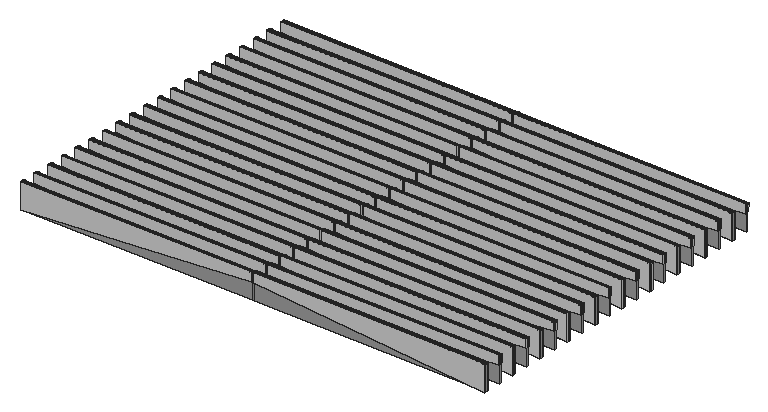
Revit family "BFL-STK-001_STACKED BAFFLES 001_RFA", category Modelos genéricos, Revit 2022 (continued)
Forms (in)
  Extrusion 308, solid, not visible
    sketch origin (0, 81.53543, 0) x (1, 0, 0) y (0, 0, 1)
      loop
        arc (-108.5, -12) -> (-81.42603, -10.99863) -> (-54.5, -8) r 366.5
        arc (-54.5, -8) -> (-27.57397, -5.00137) -> (-0.5, -4) r 366.5
        line (-0.5, -4) -> (-0.5, 0) -> (-108.5, 0)
    from 78.62205 to 78.74016
  Extrusion 309, solid, not visible
    sketch origin (0, 80.11811, 0) x (1, 0, 0) y (0, 0, 1)
      loop
        line (-108.5, 0) -> (-108.5, -12)
        arc (-108.5, -12) -> (-81.42603, -10.99863) -> (-54.5, -8) r 366.5
        arc (-54.5, -8) -> (-27.57397, -5.00137) -> (-0.5, -4) r 366.5
        line (-0.5, -4) -> (-0.5, 0) -> (-108.5, 0)
    from 78.26772 to 78.74016
  Extrusion 310, solid, not visible
    sketch origin (0, 81.06299, 0) x (1, 0, 0) y (0, 0, 1)
      loop
        line (-108.5, 0) -> (-108.5, -12)
        arc (-108.5, -12) -> (-81.42603, -10.99863) -> (-54.5, -8) r 366.5
        arc (-54.5, -8) -> (-27.57397, -5.00137) -> (-0.5, -4) r 366.5
        line (-0.5, -4) -> (-0.5, 0) -> (-108.5, 0)
    from 78.26772 to 78.74016
  Extrusion 311, solid, not visible
    sketch origin (109, 80, 0) x (1, 0, 0) y (0, 0, 1)
      loop
        line (-0.5, 0) -> (-108.5, 0) -> (-108.5, -4)
        arc (-108.5, -4) -> (-81.42603, -5.00137) -> (-54.5, -8) r 366.5
        arc (-54.5, -8) -> (-27.57397, -10.99863) -> (-0.5, -12) r 366.5
        line (-0.5, -12) -> (-0.5, 0)
    from 78.62205 to 78.74016
  Extrusion 312, solid, not visible
    sketch origin (109, 80.59055, 0) x (1, 0, 0) y (0, 0, 1)
      loop
        line (-0.5, 0) -> (-108.5, 0) -> (-108.5, -12) -> (-0.5, -12) -> (-0.5, 0)
    from 78.26772 to 78.74016
  Extrusion 313, solid, not visible
    sketch origin (109, 81.53543, 0) x (1, 0, 0) y (0, 0, 1)
      loop
        line (-0.5, 0) -> (-108.5, 0) -> (-108.5, -4)
        arc (-108.5, -4) -> (-81.42603, -5.00137) -> (-54.5, -8) r 366.5
        arc (-54.5, -8) -> (-27.57397, -10.99863) -> (-0.5, -12) r 366.5
        line (-0.5, -12) -> (-0.5, 0)
    from 78.62205 to 78.74016
  Extrusion 314, solid, not visible
    sketch origin (109, 80.11811, 0) x (1, 0, 0) y (0, 0, 1)
      loop
        line (-0.5, 0) -> (-108.5, 0) -> (-108.5, -4)
        arc (-108.5, -4) -> (-81.42603, -5.00137) -> (-54.5, -8) r 366.5
        arc (-54.5, -8) -> (-27.57397, -10.99863) -> (-0.5, -12) r 366.5
        line (-0.5, -12) -> (-0.5, 0)
    from 78.26772 to 78.74016
  Extrusion 315, solid, not visible
    sketch origin (109, 81.06299, 0) x (1, 0, 0) y (0, 0, 1)
      loop
        line (-0.5, 0) -> (-108.5, 0) -> (-108.5, -4)
        arc (-108.5, -4) -> (-81.42603, -5.00137) -> (-54.5, -8) r 366.5
        arc (-54.5, -8) -> (-27.57397, -10.99863) -> (-0.5, -12) r 366.5
        line (-0.5, -12) -> (-0.5, 0)
    from 78.26772 to 78.74016
  Extrusion 316, solid, not visible
    sketch origin (0, 88, 0) x (1, 0, 0) y (0, 0, 1)
      loop
        line (-0.5, 0) -> (-108.5, 0) -> (-108.5, -4)
        arc (-108.5, -4) -> (-81.42603, -5.00137) -> (-54.5, -8) r 366.5
        arc (-54.5, -8) -> (-27.57397, -10.99863) -> (-0.5, -12) r 366.5
        line (-0.5, -12) -> (-0.5, 0)
    from 78.62205 to 78.74016
  Extrusion 317, solid, not visible
    sketch origin (0, 88.59055, 0) x (1, 0, 0) y (0, 0, 1)
      loop
        line (-0.5, 0) -> (-108.5, 0) -> (-108.5, -12) -> (-0.5, -12) -> (-0.5, 0)
    from 78.26772 to 78.74016
  Extrusion 318, solid, not visible
    sketch origin (0, 89.53543, 0) x (1, 0, 0) y (0, 0, 1)
      loop
        line (-0.5, 0) -> (-108.5, 0) -> (-108.5, -4)
        arc (-108.5, -4) -> (-81.42603, -5.00137) -> (-54.5, -8) r 366.5
        arc (-54.5, -8) -> (-27.57397, -10.99863) -> (-0.5, -12) r 366.5
        line (-0.5, -12) -> (-0.5, 0)
    from 78.62205 to 78.74016
  Extrusion 319, solid, not visible
    sketch origin (0, 88.11811, 0) x (1, 0, 0) y (0, 0, 1)
      loop
        line (-0.5, 0) -> (-108.5, 0) -> (-108.5, -4)
        arc (-108.5, -4) -> (-81.42603, -5.00137) -> (-54.5, -8) r 366.5
        arc (-54.5, -8) -> (-27.57397, -10.99863) -> (-0.5, -12) r 366.5
        line (-0.5, -12) -> (-0.5, 0)
    from 78.26772 to 78.74016
  Extrusion 320, solid, not visible
    sketch origin (0, 89.06299, 0) x (1, 0, 0) y (0, 0, 1)
      loop
        line (-0.5, 0) -> (-108.5, 0) -> (-108.5, -4)
        arc (-108.5, -4) -> (-81.42603, -5.00137) -> (-54.5, -8) r 366.5
        arc (-54.5, -8) -> (-27.57397, -10.99863) -> (-0.5, -12) r 366.5
        line (-0.5, -12) -> (-0.5, 0)
    from 78.26772 to 78.74016
  Extrusion 321, solid, not visible
    sketch origin (109, 88, 0) x (1, 0, 0) y (0, 0, 1)
      loop
        line (-108.5, 0) -> (-108.5, -12)
        arc (-108.5, -12) -> (-81.42603, -10.99863) -> (-54.5, -8) r 366.5
        arc (-54.5, -8) -> (-27.57397, -5.00137) -> (-0.5, -4) r 366.5
        line (-0.5, -4) -> (-0.5, 0) -> (-108.5, 0)
    from 78.62205 to 78.74016
  Extrusion 322, solid, not visible
    sketch origin (109, 88.59055, 0) x (1, 0, 0) y (0, 0, 1)
      loop
        line (-108.5, 0) -> (-108.5, -12) -> (-0.5, -12) -> (-0.5, 0) -> (-108.5, 0)
    from 78.26772 to 78.74016
  Extrusion 323, solid, not visible
    sketch origin (109, 89.53543, 0) x (1, 0, 0) y (0, 0, 1)
      loop
        line (-108.5, 0) -> (-108.5, -12)
        arc (-108.5, -12) -> (-81.42603, -10.99863) -> (-54.5, -8) r 366.5
        arc (-54.5, -8) -> (-27.57397, -5.00137) -> (-0.5, -4) r 366.5
        line (-0.5, -4) -> (-0.5, 0) -> (-108.5, 0)
    from 78.62205 to 78.74016
  Extrusion 324, solid, not visible
    sketch origin (109, 88.11811, 0) x (1, 0, 0) y (0, 0, 1)
      loop
        line (-108.5, 0) -> (-108.5, -12)
        arc (-108.5, -12) -> (-81.42603, -10.99863) -> (-54.5, -8) r 366.5
        arc (-54.5, -8) -> (-27.57397, -5.00137) -> (-0.5, -4) r 366.5
        line (-0.5, -4) -> (-0.5, 0) -> (-108.5, 0)
    from 78.26772 to 78.74016
  Extrusion 325, solid, not visible
    sketch origin (109, 89.06299, 0) x (1, 0, 0) y (0, 0, 1)
      loop
        line (-108.5, 0) -> (-108.5, -12)
        arc (-108.5, -12) -> (-81.42603, -10.99863) -> (-54.5, -8) r 366.5
        arc (-54.5, -8) -> (-27.57397, -5.00137) -> (-0.5, -4) r 366.5
        line (-0.5, -4) -> (-0.5, 0) -> (-108.5, 0)
    from 78.26772 to 78.74016
  Extrusion 326, solid, not visible
    sketch origin (0, 96, 0) x (1, 0, 0) y (0, 0, 1)
      loop
        line (-108.5, 0) -> (-108.5, -12)
        arc (-108.5, -12) -> (-81.42603, -10.99863) -> (-54.5, -8) r 366.5
        arc (-54.5, -8) -> (-27.57397, -5.00137) -> (-0.5, -4) r 366.5
        line (-0.5, -4) -> (-0.5, 0) -> (-108.5, 0)
    from 78.62205 to 78.74016
  Extrusion 327, solid, not visible
    sketch origin (0, 96.59055, 0) x (1, 0, 0) y (0, 0, 1)
      loop
        line (-108.5, 0) -> (-108.5, -12) -> (-0.5, -12) -> (-0.5, 0) -> (-108.5, 0)
    from 78.26772 to 78.74016
  Extrusion 328, solid, not visible
    sketch origin (0, 97.53543, 0) x (1, 0, 0) y (0, 0, 1)
      loop
        line (-108.5, 0) -> (-108.5, -12)
        arc (-108.5, -12) -> (-81.42603, -10.99863) -> (-54.5, -8) r 366.5
        arc (-54.5, -8) -> (-27.57397, -5.00137) -> (-0.5, -4) r 366.5
        line (-0.5, -4) -> (-0.5, 0) -> (-108.5, 0)
    from 78.62205 to 78.74016
  Extrusion 329, solid, not visible
    sketch origin (0, 96.11811, 0) x (1, 0, 0) y (0, 0, 1)
      loop
        line (-108.5, 0) -> (-108.5, -12)
        arc (-108.5, -12) -> (-81.42603, -10.99863) -> (-54.5, -8) r 366.5
        arc (-54.5, -8) -> (-27.57397, -5.00137) -> (-0.5, -4) r 366.5
        line (-0.5, -4) -> (-0.5, 0) -> (-108.5, 0)
    from 78.26772 to 78.74016
  Extrusion 330, solid, not visible
    sketch origin (0, 97.06299, 0) x (1, 0, 0) y (0, 0, 1)
      loop
        line (-108.5, 0) -> (-108.5, -12)
        arc (-108.5, -12) -> (-81.42603, -10.99863) -> (-54.5, -8) r 366.5
        arc (-54.5, -8) -> (-27.57397, -5.00137) -> (-0.5, -4) r 366.5
        line (-0.5, -4) -> (-0.5, 0) -> (-108.5, 0)
    from 78.26772 to 78.74016
  Extrusion 331, solid, not visible
    sketch origin (109, 96, 0) x (1, 0, 0) y (0, 0, 1)
      loop
        line (-0.5, 0) -> (-108.5, 0) -> (-108.5, -4)
        arc (-108.5, -4) -> (-81.42603, -5.00137) -> (-54.5, -8) r 366.5
        arc (-54.5, -8) -> (-27.57397, -10.99863) -> (-0.5, -12) r 366.5
        line (-0.5, -12) -> (-0.5, 0)
    from 78.62205 to 78.74016
  Extrusion 332, solid, not visible
    sketch origin (109, 96.59055, 0) x (1, 0, 0) y (0, 0, 1)
      loop
        line (-0.5, 0) -> (-108.5, 0) -> (-108.5, -12) -> (-0.5, -12) -> (-0.5, 0)
    from 78.26772 to 78.74016
  Extrusion 333, solid, not visible
    sketch origin (109, 97.53543, 0) x (1, 0, 0) y (0, 0, 1)
      loop
        line (-0.5, 0) -> (-108.5, 0) -> (-108.5, -4)
        arc (-108.5, -4) -> (-81.42603, -5.00137) -> (-54.5, -8) r 366.5
        arc (-54.5, -8) -> (-27.57397, -10.99863) -> (-0.5, -12) r 366.5
        line (-0.5, -12) -> (-0.5, 0)
    from 78.62205 to 78.74016
  Extrusion 334, solid, not visible
    sketch origin (109, 96.11811, 0) x (1, 0, 0) y (0, 0, 1)
      loop
        line (-0.5, 0) -> (-108.5, 0) -> (-108.5, -4)
        arc (-108.5, -4) -> (-81.42603, -5.00137) -> (-54.5, -8) r 366.5
        arc (-54.5, -8) -> (-27.57397, -10.99863) -> (-0.5, -12) r 366.5
        line (-0.5, -12) -> (-0.5, 0)
    from 78.26772 to 78.74016
  Extrusion 335, solid, not visible
    sketch origin (109, 97.06299, 0) x (1, 0, 0) y (0, 0, 1)
      loop
        line (-0.5, 0) -> (-108.5, 0) -> (-108.5, -4)
        arc (-108.5, -4) -> (-81.42603, -5.00137) -> (-54.5, -8) r 366.5
        arc (-54.5, -8) -> (-27.57397, -10.99863) -> (-0.5, -12) r 366.5
        line (-0.5, -12) -> (-0.5, 0)
    from 78.26772 to 78.74016
  Extrusion 336, solid, not visible
    sketch origin (0, 104, 0) x (1, 0, 0) y (0, 0, 1)
      loop
        line (-0.5, 0) -> (-108.5, 0) -> (-108.5, -4)
        arc (-108.5, -4) -> (-81.42603, -5.00137) -> (-54.5, -8) r 366.5
        arc (-54.5, -8) -> (-27.57397, -10.99863) -> (-0.5, -12) r 366.5
        line (-0.5, -12) -> (-0.5, 0)
    from 78.62205 to 78.74016
  Extrusion 337, solid, not visible
    sketch origin (0, 104.59055, 0) x (1, 0, 0) y (0, 0, 1)
      loop
        line (-0.5, 0) -> (-108.5, 0) -> (-108.5, -12) -> (-0.5, -12) -> (-0.5, 0)
    from 78.26772 to 78.74016
  Extrusion 338, solid, not visible
    sketch origin (0, 105.53543, 0) x (1, 0, 0) y (0, 0, 1)
      loop
        line (-0.5, 0) -> (-108.5, 0) -> (-108.5, -4)
        arc (-108.5, -4) -> (-81.42603, -5.00137) -> (-54.5, -8) r 366.5
        arc (-54.5, -8) -> (-27.57397, -10.99863) -> (-0.5, -12) r 366.5
        line (-0.5, -12) -> (-0.5, 0)
    from 78.62205 to 78.74016
  Extrusion 339, solid, not visible
    sketch origin (0, 104.11811, 0) x (1, 0, 0) y (0, 0, 1)
      loop
        line (-0.5, 0) -> (-108.5, 0) -> (-108.5, -4)
        arc (-108.5, -4) -> (-81.42603, -5.00137) -> (-54.5, -8) r 366.5
        arc (-54.5, -8) -> (-27.57397, -10.99863) -> (-0.5, -12) r 366.5
        line (-0.5, -12) -> (-0.5, 0)
    from 78.26772 to 78.74016
  Extrusion 340, solid, not visible
    sketch origin (0, 105.06299, 0) x (1, 0, 0) y (0, 0, 1)
      loop
        line (-0.5, 0) -> (-108.5, 0) -> (-108.5, -4)
        arc (-108.5, -4) -> (-81.42603, -5.00137) -> (-54.5, -8) r 366.5
        arc (-54.5, -8) -> (-27.57397, -10.99863) -> (-0.5, -12) r 366.5
        line (-0.5, -12) -> (-0.5, 0)
    from 78.26772 to 78.74016
  Extrusion 341, solid, not visible
    sketch origin (109, 104, 0) x (1, 0, 0) y (0, 0, 1)
      loop
        line (-108.5, 0) -> (-108.5, -12)
        arc (-108.5, -12) -> (-81.42603, -10.99863) -> (-54.5, -8) r 366.5
        arc (-54.5, -8) -> (-27.57397, -5.00137) -> (-0.5, -4) r 366.5
        line (-0.5, -4) -> (-0.5, 0) -> (-108.5, 0)
    from 78.62205 to 78.74016
  Extrusion 342, solid, not visible
    sketch origin (109, 104.59055, 0) x (1, 0, 0) y (0, 0, 1)
      loop
        line (-108.5, 0) -> (-108.5, -12) -> (-0.5, -12) -> (-0.5, 0) -> (-108.5, 0)
    from 78.26772 to 78.74016
  Extrusion 343, solid, not visible
    sketch origin (109, 105.53543, 0) x (1, 0, 0) y (0, 0, 1)
      loop
        line (-108.5, 0) -> (-108.5, -12)
        arc (-108.5, -12) -> (-81.42603, -10.99863) -> (-54.5, -8) r 366.5
        arc (-54.5, -8) -> (-27.57397, -5.00137) -> (-0.5, -4) r 366.5
        line (-0.5, -4) -> (-0.5, 0) -> (-108.5, 0)
    from 78.62205 to 78.74016
  Extrusion 344, solid, not visible
    sketch origin (109, 104.11811, 0) x (1, 0, 0) y (0, 0, 1)
      loop
        line (-108.5, 0) -> (-108.5, -12)
        arc (-108.5, -12) -> (-81.42603, -10.99863) -> (-54.5, -8) r 366.5
        arc (-54.5, -8) -> (-27.57397, -5.00137) -> (-0.5, -4) r 366.5
        line (-0.5, -4) -> (-0.5, 0) -> (-108.5, 0)
    from 78.26772 to 78.74016
  Extrusion 345, solid, not visible
    sketch origin (109, 105.06299, 0) x (1, 0, 0) y (0, 0, 1)
      loop
        line (-108.5, 0) -> (-108.5, -12)
        arc (-108.5, -12) -> (-81.42603, -10.99863) -> (-54.5, -8) r 366.5
        arc (-54.5, -8) -> (-27.57397, -5.00137) -> (-0.5, -4) r 366.5
        line (-0.5, -4) -> (-0.5, 0) -> (-108.5, 0)
    from 78.26772 to 78.74016
  Extrusion 346, solid, not visible
    sketch origin (0, 112, 0) x (1, 0, 0) y (0, 0, 1)
      loop
        line (-108.5, 0) -> (-108.5, -12)
        arc (-108.5, -12) -> (-81.42603, -10.99863) -> (-54.5, -8) r 366.5
        arc (-54.5, -8) -> (-27.57397, -5.00137) -> (-0.5, -4) r 366.5
        line (-0.5, -4) -> (-0.5, 0) -> (-108.5, 0)
    from 78.62205 to 78.74016
  Extrusion 347, solid, not visible
    sketch origin (0, 112.59055, 0) x (1, 0, 0) y (0, 0, 1)
      loop
        line (-108.5, 0) -> (-108.5, -12) -> (-0.5, -12) -> (-0.5, 0) -> (-108.5, 0)
    from 78.26772 to 78.74016
  Extrusion 348, solid, not visible
    sketch origin (0, 113.53543, 0) x (1, 0, 0) y (0, 0, 1)
      loop
        line (-108.5, 0) -> (-108.5, -12)
        arc (-108.5, -12) -> (-81.42603, -10.99863) -> (-54.5, -8) r 366.5
        arc (-54.5, -8) -> (-27.57397, -5.00137) -> (-0.5, -4) r 366.5
        line (-0.5, -4) -> (-0.5, 0) -> (-108.5, 0)
    from 78.62205 to 78.74016
  Extrusion 349, solid, not visible
    sketch origin (0, 112.11811, 0) x (1, 0, 0) y (0, 0, 1)
      loop
        line (-108.5, 0) -> (-108.5, -12)
        arc (-108.5, -12) -> (-81.42603, -10.99863) -> (-54.5, -8) r 366.5
        arc (-54.5, -8) -> (-27.57397, -5.00137) -> (-0.5, -4) r 366.5
        line (-0.5, -4) -> (-0.5, 0) -> (-108.5, 0)
    from 78.26772 to 78.74016
  Extrusion 350, solid, not visible
    sketch origin (0, 113.06299, 0) x (1, 0, 0) y (0, 0, 1)
      loop
        line (-108.5, 0) -> (-108.5, -12)
        arc (-108.5, -12) -> (-81.42603, -10.99863) -> (-54.5, -8) r 366.5
        arc (-54.5, -8) -> (-27.57397, -5.00137) -> (-0.5, -4) r 366.5
        line (-0.5, -4) -> (-0.5, 0) -> (-108.5, 0)
    from 78.26772 to 78.74016
  Extrusion 351, solid, not visible
    sketch origin (109, 112, 0) x (1, 0, 0) y (0, 0, 1)
      loop
        line (-0.5, 0) -> (-108.5, 0) -> (-108.5, -4)
        arc (-108.5, -4) -> (-81.42603, -5.00137) -> (-54.5, -8) r 366.5
        arc (-54.5, -8) -> (-27.57397, -10.99863) -> (-0.5, -12) r 366.5
        line (-0.5, -12) -> (-0.5, 0)
    from 78.62205 to 78.74016
  Extrusion 352, solid, not visible
    sketch origin (109, 112.59055, 0) x (1, 0, 0) y (0, 0, 1)
      loop
        line (-0.5, 0) -> (-108.5, 0) -> (-108.5, -12) -> (-0.5, -12) -> (-0.5, 0)
    from 78.26772 to 78.74016
  Extrusion 353, solid, not visible
    sketch origin (109, 113.53543, 0) x (1, 0, 0) y (0, 0, 1)
      loop
        line (-0.5, 0) -> (-108.5, 0) -> (-108.5, -4)
        arc (-108.5, -4) -> (-81.42603, -5.00137) -> (-54.5, -8) r 366.5
        arc (-54.5, -8) -> (-27.57397, -10.99863) -> (-0.5, -12) r 366.5
        line (-0.5, -12) -> (-0.5, 0)
    from 78.62205 to 78.74016
  Extrusion 354, solid, not visible
    sketch origin (109, 112.11811, 0) x (1, 0, 0) y (0, 0, 1)
      loop
        line (-0.5, 0) -> (-108.5, 0) -> (-108.5, -4)
        arc (-108.5, -4) -> (-81.42603, -5.00137) -> (-54.5, -8) r 366.5
        arc (-54.5, -8) -> (-27.57397, -10.99863) -> (-0.5, -12) r 366.5
        line (-0.5, -12) -> (-0.5, 0)
    from 78.26772 to 78.74016
  Extrusion 355, solid, not visible
    sketch origin (109, 113.06299, 0) x (1, 0, 0) y (0, 0, 1)
      loop
        line (-0.5, 0) -> (-108.5, 0) -> (-108.5, -4)
        arc (-108.5, -4) -> (-81.42603, -5.00137) -> (-54.5, -8) r 366.5
        arc (-54.5, -8) -> (-27.57397, -10.99863) -> (-0.5, -12) r 366.5
        line (-0.5, -12) -> (-0.5, 0)
    from 78.26772 to 78.74016
  Extrusion 356, solid, not visible
    sketch origin (0, 120, 0) x (1, 0, 0) y (0, 0, 1)
      loop
        line (-0.5, 0) -> (-108.5, 0) -> (-108.5, -4)
        arc (-108.5, -4) -> (-81.42603, -5.00137) -> (-54.5, -8) r 366.5
        arc (-54.5, -8) -> (-27.57397, -10.99863) -> (-0.5, -12) r 366.5
        line (-0.5, -12) -> (-0.5, 0)
    from 78.62205 to 78.74016
  Extrusion 357, solid, not visible
    sketch origin (0, 120.59055, 0) x (1, 0, 0) y (0, 0, 1)
      loop
        line (-0.5, 0) -> (-108.5, 0) -> (-108.5, -12) -> (-0.5, -12) -> (-0.5, 0)
    from 78.26772 to 78.74016
  Extrusion 358, solid, not visible
    sketch origin (0, 121.53543, 0) x (1, 0, 0) y (0, 0, 1)
      loop
        line (-0.5, 0) -> (-108.5, 0) -> (-108.5, -4)
        arc (-108.5, -4) -> (-81.42603, -5.00137) -> (-54.5, -8) r 366.5
        arc (-54.5, -8) -> (-27.57397, -10.99863) -> (-0.5, -12) r 366.5
        line (-0.5, -12) -> (-0.5, 0)
    from 78.62205 to 78.74016
  Extrusion 359, solid, not visible
    sketch origin (0, 120.11811, 0) x (1, 0, 0) y (0, 0, 1)
      loop
        line (-0.5, 0) -> (-108.5, 0) -> (-108.5, -4)
        arc (-108.5, -4) -> (-81.42603, -5.00137) -> (-54.5, -8) r 366.5
        arc (-54.5, -8) -> (-27.57397, -10.99863) -> (-0.5, -12) r 366.5
        line (-0.5, -12) -> (-0.5, 0)
    from 78.26772 to 78.74016
  Extrusion 360, solid, not visible
    sketch origin (0, 121.06299, 0) x (1, 0, 0) y (0, 0, 1)
      loop
        line (-0.5, 0) -> (-108.5, 0) -> (-108.5, -4)
        arc (-108.5, -4) -> (-81.42603, -5.00137) -> (-54.5, -8) r 366.5
        arc (-54.5, -8) -> (-27.57397, -10.99863) -> (-0.5, -12) r 366.5
        line (-0.5, -12) -> (-0.5, 0)
    from 78.26772 to 78.74016
  Extrusion 361, solid, not visible
    sketch origin (109, 120, 0) x (1, 0, 0) y (0, 0, 1)
      loop
        line (-108.5, 0) -> (-108.5, -12)
        arc (-108.5, -12) -> (-81.42603, -10.99863) -> (-54.5, -8) r 366.5
        arc (-54.5, -8) -> (-27.57397, -5.00137) -> (-0.5, -4) r 366.5
        line (-0.5, -4) -> (-0.5, 0) -> (-108.5, 0)
    from 78.62205 to 78.74016
  Extrusion 362, solid, not visible
    sketch origin (109, 120.59055, 0) x (1, 0, 0) y (0, 0, 1)
      loop
        line (-108.5, 0) -> (-108.5, -12) -> (-0.5, -12) -> (-0.5, 0) -> (-108.5, 0)
    from 78.26772 to 78.74016
  Extrusion 363, solid, not visible
    sketch origin (109, 121.53543, 0) x (1, 0, 0) y (0, 0, 1)
      loop
        line (-108.5, 0) -> (-108.5, -12)
        arc (-108.5, -12) -> (-81.42603, -10.99863) -> (-54.5, -8) r 366.5
        arc (-54.5, -8) -> (-27.57397, -5.00137) -> (-0.5, -4) r 366.5
        line (-0.5, -4) -> (-0.5, 0) -> (-108.5, 0)
    from 78.62205 to 78.74016
  Extrusion 364, solid, not visible
    sketch origin (109, 120.11811, 0) x (1, 0, 0) y (0, 0, 1)
      loop
        line (-108.5, 0) -> (-108.5, -12)
        arc (-108.5, -12) -> (-81.42603, -10.99863) -> (-54.5, -8) r 366.5
        arc (-54.5, -8) -> (-27.57397, -5.00137) -> (-0.5, -4) r 366.5
        line (-0.5, -4) -> (-0.5, 0) -> (-108.5, 0)
    from 78.26772 to 78.74016
  Extrusion 365, solid, not visible
    sketch origin (109, 121.06299, 0) x (1, 0, 0) y (0, 0, 1)
      loop
        line (-108.5, 0) -> (-108.5, -12)
        arc (-108.5, -12) -> (-81.42603, -10.99863) -> (-54.5, -8) r 366.5
        arc (-54.5, -8) -> (-27.57397, -5.00137) -> (-0.5, -4) r 366.5
        line (-0.5, -4) -> (-0.5, 0) -> (-108.5, 0)
    from 78.26772 to 78.74016
  Extrusion 366, solid, not visible
    sketch origin (0, 128, 0) x (1, 0, 0) y (0, 0, 1)
      loop
        line (-108.5, 0) -> (-108.5, -12)
        arc (-108.5, -12) -> (-81.42603, -10.99863) -> (-54.5, -8) r 366.5
        arc (-54.5, -8) -> (-27.57397, -5.00137) -> (-0.5, -4) r 366.5
        line (-0.5, -4) -> (-0.5, 0) -> (-108.5, 0)
    from 78.62205 to 78.74016
  Extrusion 367, solid, not visible
    sketch origin (0, 128.59055, 0) x (1, 0, 0) y (0, 0, 1)
      loop
        line (-108.5, 0) -> (-108.5, -12) -> (-0.5, -12) -> (-0.5, 0) -> (-108.5, 0)
    from 78.26772 to 78.74016
  Extrusion 368, solid, not visible
    sketch origin (0, 129.53543, 0) x (1, 0, 0) y (0, 0, 1)
      loop
        line (-108.5, 0) -> (-108.5, -12)
        arc (-108.5, -12) -> (-81.42603, -10.99863) -> (-54.5, -8) r 366.5
        arc (-54.5, -8) -> (-27.57397, -5.00137) -> (-0.5, -4) r 366.5
        line (-0.5, -4) -> (-0.5, 0) -> (-108.5, 0)
    from 78.62205 to 78.74016
  Extrusion 369, solid, not visible
    sketch origin (0, 128.11811, 0) x (1, 0, 0) y (0, 0, 1)
      loop
        line (-108.5, 0) -> (-108.5, -12)
        arc (-108.5, -12) -> (-81.42603, -10.99863) -> (-54.5, -8) r 366.5
        arc (-54.5, -8) -> (-27.57397, -5.00137) -> (-0.5, -4) r 366.5
        line (-0.5, -4) -> (-0.5, 0) -> (-108.5, 0)
    from 78.26772 to 78.74016
  Extrusion 370, solid, not visible
    sketch origin (0, 129.06299, 0) x (1, 0, 0) y (0, 0, 1)
      loop
        line (-108.5, 0) -> (-108.5, -12)
        arc (-108.5, -12) -> (-81.42603, -10.99863) -> (-54.5, -8) r 366.5
        arc (-54.5, -8) -> (-27.57397, -5.00137) -> (-0.5, -4) r 366.5
        line (-0.5, -4) -> (-0.5, 0) -> (-108.5, 0)
    from 78.26772 to 78.74016
  Extrusion 371, solid, not visible
    sketch origin (109, 128, 0) x (1, 0, 0) y (0, 0, 1)
      loop
        line (-0.5, 0) -> (-108.5, 0) -> (-108.5, -4)
        arc (-108.5, -4) -> (-81.42603, -5.00137) -> (-54.5, -8) r 366.5
        arc (-54.5, -8) -> (-27.57397, -10.99863) -> (-0.5, -12) r 366.5
        line (-0.5, -12) -> (-0.5, 0)
    from 78.62205 to 78.74016
  Extrusion 372, solid, not visible
    sketch origin (109, 128.59055, 0) x (1, 0, 0) y (0, 0, 1)
      loop
        line (-0.5, 0) -> (-108.5, 0) -> (-108.5, -12) -> (-0.5, -12) -> (-0.5, 0)
    from 78.26772 to 78.74016
  Extrusion 373, solid, not visible
    sketch origin (109, 129.53543, 0) x (1, 0, 0) y (0, 0, 1)
      loop
        line (-0.5, 0) -> (-108.5, 0) -> (-108.5, -4)
        arc (-108.5, -4) -> (-81.42603, -5.00137) -> (-54.5, -8) r 366.5
        arc (-54.5, -8) -> (-27.57397, -10.99863) -> (-0.5, -12) r 366.5
        line (-0.5, -12) -> (-0.5, 0)
    from 78.62205 to 78.74016
  Extrusion 374, solid, not visible
    sketch origin (109, 128.11811, 0) x (1, 0, 0) y (0, 0, 1)
      loop
        line (-0.5, 0) -> (-108.5, 0) -> (-108.5, -4)
        arc (-108.5, -4) -> (-81.42603, -5.00137) -> (-54.5, -8) r 366.5
        arc (-54.5, -8) -> (-27.57397, -10.99863) -> (-0.5, -12) r 366.5
        line (-0.5, -12) -> (-0.5, 0)
    from 78.26772 to 78.74016
  Extrusion 375, solid, not visible
    sketch origin (109, 129.06299, 0) x (1, 0, 0) y (0, 0, 1)
      loop
        line (-0.5, 0) -> (-108.5, 0) -> (-108.5, -4)
        arc (-108.5, -4) -> (-81.42603, -5.00137) -> (-54.5, -8) r 366.5
        arc (-54.5, -8) -> (-27.57397, -10.99863) -> (-0.5, -12) r 366.5
        line (-0.5, -12) -> (-0.5, 0)
    from 78.26772 to 78.74016
  Extrusion 376, solid, not visible
    sketch origin (0, 136, 0) x (1, 0, 0) y (0, 0, 1)
      loop
        line (-0.5, 0) -> (-108.5, 0) -> (-108.5, -4)
        arc (-108.5, -4) -> (-81.42603, -5.00137) -> (-54.5, -8) r 366.5
        arc (-54.5, -8) -> (-27.57397, -10.99863) -> (-0.5, -12) r 366.5
        line (-0.5, -12) -> (-0.5, 0)
    from 78.62205 to 78.74016
  Extrusion 377, solid, not visible
    sketch origin (0, 136.59055, 0) x (1, 0, 0) y (0, 0, 1)
      loop
        line (-0.5, 0) -> (-108.5, 0) -> (-108.5, -12) -> (-0.5, -12) -> (-0.5, 0)
    from 78.26772 to 78.74016
  Extrusion 378, solid, not visible
    sketch origin (0, 137.53543, 0) x (1, 0, 0) y (0, 0, 1)
      loop
        line (-0.5, 0) -> (-108.5, 0) -> (-108.5, -4)
        arc (-108.5, -4) -> (-81.42603, -5.00137) -> (-54.5, -8) r 366.5
        arc (-54.5, -8) -> (-27.57397, -10.99863) -> (-0.5, -12) r 366.5
        line (-0.5, -12) -> (-0.5, 0)
    from 78.62205 to 78.74016
  Extrusion 379, solid, not visible
    sketch origin (0, 136.11811, 0) x (1, 0, 0) y (0, 0, 1)
      loop
        line (-0.5, 0) -> (-108.5, 0) -> (-108.5, -4)
        arc (-108.5, -4) -> (-81.42603, -5.00137) -> (-54.5, -8) r 366.5
        arc (-54.5, -8) -> (-27.57397, -10.99863) -> (-0.5, -12) r 366.5
        line (-0.5, -12) -> (-0.5, 0)
    from 78.26772 to 78.74016
  Extrusion 380, solid, not visible
    sketch origin (0, 137.06299, 0) x (1, 0, 0) y (0, 0, 1)
      loop
        line (-0.5, 0) -> (-108.5, 0) -> (-108.5, -4)
        arc (-108.5, -4) -> (-81.42603, -5.00137) -> (-54.5, -8) r 366.5
        arc (-54.5, -8) -> (-27.57397, -10.99863) -> (-0.5, -12) r 366.5
        line (-0.5, -12) -> (-0.5, 0)
    from 78.26772 to 78.74016
  Extrusion 381, solid, not visible
    sketch origin (109, 136, 0) x (1, 0, 0) y (0, 0, 1)
      loop
        line (-108.5, 0) -> (-108.5, -12)
        arc (-108.5, -12) -> (-81.42603, -10.99863) -> (-54.5, -8) r 366.5
        arc (-54.5, -8) -> (-27.57397, -5.00137) -> (-0.5, -4) r 366.5
        line (-0.5, -4) -> (-0.5, 0) -> (-108.5, 0)
    from 78.62205 to 78.74016
  Extrusion 382, solid, not visible
    sketch origin (109, 136.59055, 0) x (1, 0, 0) y (0, 0, 1)
      loop
        line (-108.5, 0) -> (-108.5, -12) -> (-0.5, -12) -> (-0.5, 0) -> (-108.5, 0)
    from 78.26772 to 78.74016
  Extrusion 383, solid, not visible
    sketch origin (109, 137.53543, 0) x (1, 0, 0) y (0, 0, 1)
      loop
        line (-108.5, 0) -> (-108.5, -12)
        arc (-108.5, -12) -> (-81.42603, -10.99863) -> (-54.5, -8) r 366.5
        arc (-54.5, -8) -> (-27.57397, -5.00137) -> (-0.5, -4) r 366.5
        line (-0.5, -4) -> (-0.5, 0) -> (-108.5, 0)
    from 78.62205 to 78.74016
  Extrusion 384, solid, not visible
    sketch origin (109, 136.11811, 0) x (1, 0, 0) y (0, 0, 1)
      loop
        line (-108.5, 0) -> (-108.5, -12)
        arc (-108.5, -12) -> (-81.42603, -10.99863) -> (-54.5, -8) r 366.5
        arc (-54.5, -8) -> (-27.57397, -5.00137) -> (-0.5, -4) r 366.5
        line (-0.5, -4) -> (-0.5, 0) -> (-108.5, 0)
    from 78.26772 to 78.74016
  Extrusion 385, solid, not visible
    sketch origin (109, 137.06299, 0) x (1, 0, 0) y (0, 0, 1)
      loop
        line (-108.5, 0) -> (-108.5, -12)
        arc (-108.5, -12) -> (-81.42603, -10.99863) -> (-54.5, -8) r 366.5
        arc (-54.5, -8) -> (-27.57397, -5.00137) -> (-0.5, -4) r 366.5
        line (-0.5, -4) -> (-0.5, 0) -> (-108.5, 0)
    from 78.26772 to 78.74016
  Extrusion 386, solid, not visible
    sketch origin (0, 144, 0) x (1, 0, 0) y (0, 0, 1)
      loop
        line (-108.5, 0) -> (-108.5, -12)
        arc (-108.5, -12) -> (-81.42603, -10.99863) -> (-54.5, -8) r 366.5
        arc (-54.5, -8) -> (-27.57397, -5.00137) -> (-0.5, -4) r 366.5
        line (-0.5, -4) -> (-0.5, 0) -> (-108.5, 0)
    from 78.62205 to 78.74016
  Extrusion 387, solid, not visible
    sketch origin (0, 144.59055, 0) x (1, 0, 0) y (0, 0, 1)
      loop
        line (-108.5, 0) -> (-108.5, -12) -> (-0.5, -12) -> (-0.5, 0) -> (-108.5, 0)
    from 78.26772 to 78.74016
  Extrusion 388, solid, not visible
    sketch origin (0, 145.53543, 0) x (1, 0, 0) y (0, 0, 1)
      loop
        line (-108.5, 0) -> (-108.5, -12)
        arc (-108.5, -12) -> (-81.42603, -10.99863) -> (-54.5, -8) r 366.5
        arc (-54.5, -8) -> (-27.57397, -5.00137) -> (-0.5, -4) r 366.5
        line (-0.5, -4) -> (-0.5, 0) -> (-108.5, 0)
    from 78.62205 to 78.74016
  Extrusion 389, solid, not visible
    sketch origin (0, 144.11811, 0) x (1, 0, 0) y (0, 0, 1)
      loop
        line (-108.5, 0) -> (-108.5, -12)
        arc (-108.5, -12) -> (-81.42603, -10.99863) -> (-54.5, -8) r 366.5
        arc (-54.5, -8) -> (-27.57397, -5.00137) -> (-0.5, -4) r 366.5
        line (-0.5, -4) -> (-0.5, 0) -> (-108.5, 0)
    from 78.26772 to 78.74016
  Extrusion 390, solid, not visible
    sketch origin (0, 145.06299, 0) x (1, 0, 0) y (0, 0, 1)
      loop
        line (-108.5, 0) -> (-108.5, -12)
        arc (-108.5, -12) -> (-81.42603, -10.99863) -> (-54.5, -8) r 366.5
        arc (-54.5, -8) -> (-27.57397, -5.00137) -> (-0.5, -4) r 366.5
        line (-0.5, -4) -> (-0.5, 0) -> (-108.5, 0)
    from 78.26772 to 78.74016
  Extrusion 391, solid, not visible
    sketch origin (109, 144, 0) x (1, 0, 0) y (0, 0, 1)
      loop
        line (-0.5, 0) -> (-108.5, 0) -> (-108.5, -4)
        arc (-108.5, -4) -> (-81.42603, -5.00137) -> (-54.5, -8) r 366.5
        arc (-54.5, -8) -> (-27.57397, -10.99863) -> (-0.5, -12) r 366.5
        line (-0.5, -12) -> (-0.5, 0)
    from 78.62205 to 78.74016
  Extrusion 392, solid, not visible
    sketch origin (109, 144.59055, 0) x (1, 0, 0) y (0, 0, 1)
      loop
        line (-0.5, 0) -> (-108.5, 0) -> (-108.5, -12) -> (-0.5, -12) -> (-0.5, 0)
    from 78.26772 to 78.74016
  Extrusion 393, solid, not visible
    sketch origin (109, 145.53543, 0) x (1, 0, 0) y (0, 0, 1)
      loop
        line (-0.5, 0) -> (-108.5, 0) -> (-108.5, -4)
        arc (-108.5, -4) -> (-81.42603, -5.00137) -> (-54.5, -8) r 366.5
        arc (-54.5, -8) -> (-27.57397, -10.99863) -> (-0.5, -12) r 366.5
        line (-0.5, -12) -> (-0.5, 0)
    from 78.62205 to 78.74016
  Extrusion 394, solid, not visible
    sketch origin (109, 144.11811, 0) x (1, 0, 0) y (0, 0, 1)
      loop
        line (-0.5, 0) -> (-108.5, 0) -> (-108.5, -4)
        arc (-108.5, -4) -> (-81.42603, -5.00137) -> (-54.5, -8) r 366.5
        arc (-54.5, -8) -> (-27.57397, -10.99863) -> (-0.5, -12) r 366.5
        line (-0.5, -12) -> (-0.5, 0)
    from 78.26772 to 78.74016
  Extrusion 395, solid, not visible
    sketch origin (109, 145.06299, 0) x (1, 0, 0) y (0, 0, 1)
      loop
        line (-0.5, 0) -> (-108.5, 0) -> (-108.5, -4)
        arc (-108.5, -4) -> (-81.42603, -5.00137) -> (-54.5, -8) r 366.5
        arc (-54.5, -8) -> (-27.57397, -10.99863) -> (-0.5, -12) r 366.5
        line (-0.5, -12) -> (-0.5, 0)
    from 78.26772 to 78.74016
  Extrusion 396, solid, not visible
    sketch origin (0, 152, 0) x (1, 0, 0) y (0, 0, 1)
      loop
        line (-0.5, 0) -> (-108.5, 0) -> (-108.5, -4)
        arc (-108.5, -4) -> (-81.42603, -5.00137) -> (-54.5, -8) r 366.5
        arc (-54.5, -8) -> (-27.57397, -10.99863) -> (-0.5, -12) r 366.5
        line (-0.5, -12) -> (-0.5, 0)
    from 78.62205 to 78.74016
  Extrusion 397, solid, not visible
    sketch origin (0, 152.59055, 0) x (1, 0, 0) y (0, 0, 1)
      loop
        line (-0.5, 0) -> (-108.5, 0) -> (-108.5, -12) -> (-0.5, -12) -> (-0.5, 0)
    from 78.26772 to 78.74016
  Extrusion 398, solid, not visible
    sketch origin (0, 153.53543, 0) x (1, 0, 0) y (0, 0, 1)
      loop
        line (-0.5, 0) -> (-108.5, 0) -> (-108.5, -4)
        arc (-108.5, -4) -> (-81.42603, -5.00137) -> (-54.5, -8) r 366.5
        arc (-54.5, -8) -> (-27.57397, -10.99863) -> (-0.5, -12) r 366.5
        line (-0.5, -12) -> (-0.5, 0)
    from 78.62205 to 78.74016
  Extrusion 399, solid, not visible
    sketch origin (0, 152.11811, 0) x (1, 0, 0) y (0, 0, 1)
      loop
        line (-0.5, 0) -> (-108.5, 0) -> (-108.5, -4)
        arc (-108.5, -4) -> (-81.42603, -5.00137) -> (-54.5, -8) r 366.5
        arc (-54.5, -8) -> (-27.57397, -10.99863) -> (-0.5, -12) r 366.5
        line (-0.5, -12) -> (-0.5, 0)
    from 78.26772 to 78.74016
  Extrusion 400, solid, not visible
    sketch origin (0, 153.06299, 0) x (1, 0, 0) y (0, 0, 1)
      loop
        line (-0.5, 0) -> (-108.5, 0) -> (-108.5, -4)
        arc (-108.5, -4) -> (-81.42603, -5.00137) -> (-54.5, -8) r 366.5
        arc (-54.5, -8) -> (-27.57397, -10.99863) -> (-0.5, -12) r 366.5
        line (-0.5, -12) -> (-0.5, 0)
    from 78.26772 to 78.74016
  Extrusion 401, solid, not visible
    sketch origin (109, 152, 0) x (1, 0, 0) y (0, 0, 1)
      loop
        line (-108.5, 0) -> (-108.5, -12)
        arc (-108.5, -12) -> (-81.42603, -10.99863) -> (-54.5, -8) r 366.5
        arc (-54.5, -8) -> (-27.57397, -5.00137) -> (-0.5, -4) r 366.5
        line (-0.5, -4) -> (-0.5, 0) -> (-108.5, 0)
    from 78.62205 to 78.74016
  Extrusion 402, solid, not visible
    sketch origin (109, 152.59055, 0) x (1, 0, 0) y (0, 0, 1)
      loop
        line (-108.5, 0) -> (-108.5, -12) -> (-0.5, -12) -> (-0.5, 0) -> (-108.5, 0)
    from 78.26772 to 78.74016
  Extrusion 403, solid, not visible
    sketch origin (109, 153.53543, 0) x (1, 0, 0) y (0, 0, 1)
      loop
        line (-108.5, 0) -> (-108.5, -12)
        arc (-108.5, -12) -> (-81.42603, -10.99863) -> (-54.5, -8) r 366.5
        arc (-54.5, -8) -> (-27.57397, -5.00137) -> (-0.5, -4) r 366.5
        line (-0.5, -4) -> (-0.5, 0) -> (-108.5, 0)
    from 78.62205 to 78.74016
  Extrusion 404, solid, not visible
    sketch origin (109, 152.11811, 0) x (1, 0, 0) y (0, 0, 1)
      loop
        line (-108.5, 0) -> (-108.5, -12)
        arc (-108.5, -12) -> (-81.42603, -10.99863) -> (-54.5, -8) r 366.5
        arc (-54.5, -8) -> (-27.57397, -5.00137) -> (-0.5, -4) r 366.5
        line (-0.5, -4) -> (-0.5, 0) -> (-108.5, 0)
    from 78.26772 to 78.74016
  Extrusion 405, solid, not visible
    sketch origin (109, 153.06299, 0) x (1, 0, 0) y (0, 0, 1)
      loop
        line (-108.5, 0) -> (-108.5, -12)
        arc (-108.5, -12) -> (-81.42603, -10.99863) -> (-54.5, -8) r 366.5
        arc (-54.5, -8) -> (-27.57397, -5.00137) -> (-0.5, -4) r 366.5
        line (-0.5, -4) -> (-0.5, 0) -> (-108.5, 0)
    from 78.26772 to 78.74016
Dimensions and locks (in)
  Extrusion 4 to Extrusion 2 = 12.00"
  Extrusion 4 to Extrusion 2 = 108.00"
  Extrusion 12 to Extrusion 14 = 108.00"
  Extrusion 196 to Extrusion 188 = 6.34646"
  Extrusion 186 to Extrusion 178 = 6.34646"
  Extrusion 176 to Extrusion 168 = 6.34646"
  Extrusion 166 to Extrusion 160 = 6.46457"
  Extrusion 156 to Extrusion 148 = 6.34646"
  Extrusion 146 to Extrusion 138 = 6.34646"
  Extrusion 136 to Extrusion 128 = 6.34646"
  Extrusion 126 to Extrusion 118 = 6.34646"
  Extrusion 116 to Extrusion 108 = 6.34646"
  Extrusion 106 to Extrusion 98 = 6.34646"
  Extrusion 96 to Extrusion 88 = 6.34646"
  Extrusion 86 to Extrusion 78 = 6.34646"
  Extrusion 76 to Extrusion 68 = 6.34646"
  Extrusion 66 to Extrusion 58 = 6.34646"
  Extrusion 56 to Extrusion 48 = 6.34646"
  Extrusion 46 to Extrusion 38 = 6.34646"
  Extrusion 36 to Extrusion 28 = 6.34646"
  Extrusion 26 to Extrusion 18 = 6.34646"
  Extrusion 16 to Extrusion 3 = 6.34646"
  aligned and locked: level to plane 2
